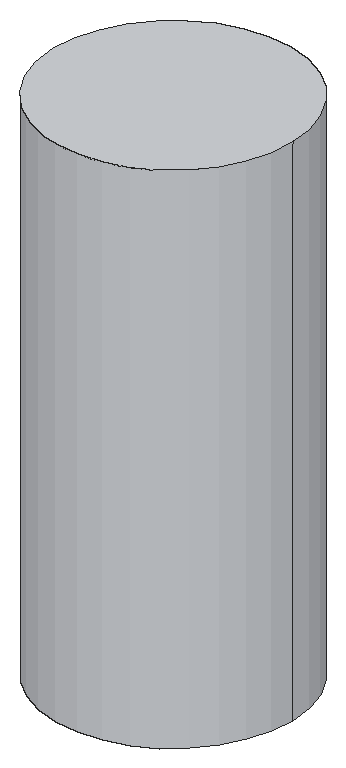
Revit family "PA_BASIN-WASTE_LECICO_PC", category Pipe Accessories, Revit 2015
Parameters (values of type "Lecico Neon Basin Pop up 32mm")
  URL = "http://www.lecicosa.co.za/products/neon-basin-water/"
  Manufacturer = "Lecico"
  Description = "Basin Pop up 32mm"
  Created By = "Tolani Civil Projects cc"
Reference planes
  plane 1 "Center (Front/Back)": y = 0
  plane 2: z = 0
  plane 3 "Center (Left/Right)": x = 0
Forms (mm)
  Extrusion 1, solid
    sketch origin (0, 0, 0) x (1, 0, 0) y (0, 1, 0)
      loop
        circle (0, 0) r 16
    from -74.74 to -5.5
Dimensions and locks
  locked: plane 1 "Center (Front/Back)" to import instance at 24.306  (x2)
  locked: import instance to plane 3 "Center (Left/Right)" at 22
  aligned and locked: level to plane 2
  aligned and locked: import instance to plane 2
  aligned and locked: plane 1 "Center (Front/Back)" to Extrusion 1 sketch curve
  aligned and locked: plane 3 "Center (Left/Right)" to Extrusion 1 sketch curve
  aligned and locked: Extrusion 1 to import instance  (x2)
Connectors
  piping at (0, 0, -74.74), diameter 32
    settings: on Extrusion 1, index 1, connector inside diameter 609.6 mm, connector length 0 mm, flow factor 0, pipe flow 0.0 L/s, pressure drop 0.0 Pa, fitting loss kfactor 0, connector angle 0.00°, fixture units 0, engagement length 0 mm, angle of deflection 0.00°, flow configuration 0, flow direction 0, fitting loss method 0, system type 16, joint type 0, gender type 0, connector reference index -1, connector utility 0, adjustable connector no, is connector primary yes, connector description ""
